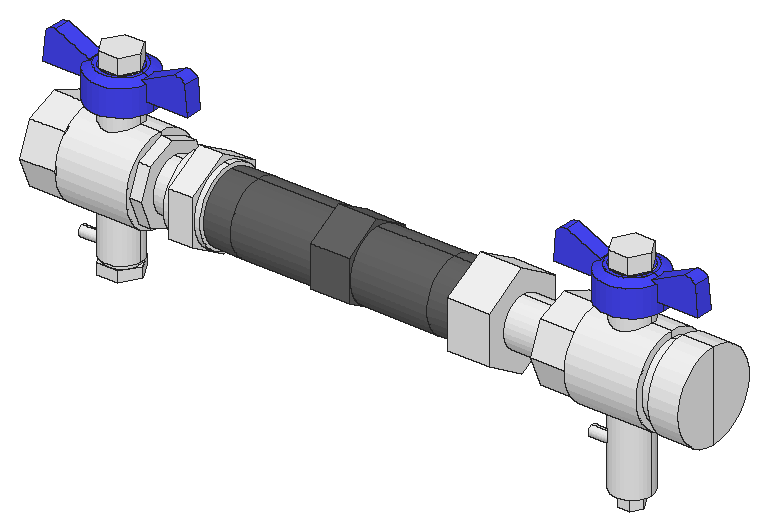
Revit family "AB-PM_DN15-25_Horizontal_Part B_RFA_1", category Pipe Accessories, Revit 2019 (continued)
Definition of nested family "Valve_2"
  Definition of nested family "Valve_Handle_H_B"
    Automatic sketch dimensions
      Extrusion 5 sketch curve to plane 3 "Center (Left/Right)" = 11.595 mm
      plane 3 "Center (Left/Right)" to Extrusion 5 sketch curve = 26.712 mm
      level to Extrusion 5 sketch curve = 12.200 mm
      Extrusion 5 sketch curve to Extrusion 5 sketch curve = 14.725 mm  (x2)
      plane 3 "Center (Left/Right)" to Extrusion 5 sketch curve = 11.595 mm
      Revolve 1 sketch curve to Revolve 1 sketch curve = 17.800 mm
      Revolve 1 sketch curve to Revolve 1 sketch curve = 4.000 mm
      Revolve 2 sketch curve to level = 0.000 mm
      Revolve 2 sketch curve to plane 3 "Center (Left/Right)" = 0.000 mm  (x2)
      Revolve 2 sketch curve to Revolve 2 sketch curve = 3.339 mm
      Revolve 2 sketch curve to Revolve 2 sketch curve = 1.838 mm
      Revolve 2 sketch curve to Revolve 2 sketch curve = 17.800 mm
      Revolve 2 sketch curve to Revolve 2 sketch curve = 4.000 mm
  Definition of nested family "Schematic_Valve_2"
    Parameters (values of type "Schematic_Valve")
      r [instance] = D / 4  # 4.000 mm
      L1 [instance] = 10.000 mm
      L [instance] = 68.000 mm
      H [instance] = 40.000 mm
      D [instance] = 16.000 mm
    Reference planes
      plane 1 "Center (Front/Back)": y = 0
      plane 2: z = 0
      plane 3 "Center (Left/Right)": x = 0
      plane 4: x = -34
      plane 5: x = 34
      plane 6: y = 20
      plane 7: y = -20
      plane 8: z = 20
      plane 9: z = -20
    Lines and regions (mm)
      model lines, detail levels coarse+medium
        curve 1: circle (0, 0, 0) r 8 normal (0, 0, 1)
        curve 4: line (-34, -20, 0) -> (-34, 20, 0)
        curve 5: line (-34, 20, 0) -> (-6.895, 4.056, 0)
        curve 6: line (-34, -20, 0) -> (-6.895, -4.056, 0)
        curve 7: line (6.895, 4.056, 0) -> (34, 20, 0)
        curve 8: line (34, 20, 0) -> (34, -20, 0)
        curve 9: line (34, -20, 0) -> (6.895, -4.056, 0)
        curve 10: line (-34, 0, 0) -> (-44, 0, 0)
        curve 20: line (0, -8, 0) -> (0, -20, 0)
        curve 21: circle (0, -24, 0) r 4 normal (0, 0, 1)
      reference lines
        curve 2: line (-34, 20, 0) -> (34, -20, 0)
        curve 3: line (34, 20, 0) -> (-34, -20, 0)
        curve 11: line (-34, 0, 20) -> (34, 0, -20)
        curve 12: line (34, 0, 20) -> (-34, 0, -20)
      symbolic lines, detail levels coarse+medium
        curve 13: circle (0, 0, 0) r 8 normal (0, -1, 0)
        curve 14: line (-6.895, 0, -4.056) -> (-34, 0, -20)
        curve 15: line (-34, 0, -20) -> (-34, 0, 20)
        curve 16: line (-34, 0, 20) -> (-6.895, 0, 4.056)
        curve 17: line (6.895, 0, -4.056) -> (34, 0, -20)
        curve 18: line (34, 0, -20) -> (34, 0, 20)
        curve 19: line (34, 0, 20) -> (6.895, 0, 4.056)
        curve 22: line (0, 0, 8) -> (0, 0, 20)
        curve 23: circle (0, 0, 24) r 4 normal (0, -1, 0)
    Dimensions and locks
      equal spacing: plane 4, plane 3 "Center (Left/Right)", plane 5
      equal spacing: plane 6, plane 1 "Center (Front/Back)", plane 7
      "L": plane 4 to plane 5
      "H": plane 6 to plane 7
      "L1": curve 10 to plane 4
      equal spacing: plane 8, level, plane 9
      "H": plane 8 to plane 9
      "r": plane 7 to curve 21
      locked: plane 3 "Center (Left/Right)" to curve 21
      "r": curve 23 to plane 8
      locked: plane 3 "Center (Left/Right)" to curve 23
      "D": diameter of curve 1
      "D": diameter of curve 13
      "r": radius of curve 21
      "r": radius of curve 23
      aligned and locked: level to plane 2
      aligned and locked: plane 4 to curve 2
      aligned and locked: plane 6 to curve 2
      aligned and locked: plane 5 to curve 3
      aligned and locked: plane 6 to curve 3
      aligned and locked: plane 7 to curve 2
      aligned and locked: plane 5 to curve 2
      aligned and locked: plane 4 to curve 3
      aligned and locked: plane 7 to curve 3
      aligned and locked: curve 5 to curve 2
      aligned and locked: curve 6 to curve 3
      aligned and locked: curve 9 to curve 2
      aligned and locked: curve 7 to curve 3
      aligned and locked: curve 10 to plane 1 "Center (Front/Back)"
      aligned and locked: plane 8 to curve 11
      aligned and locked: plane 4 to curve 11
      aligned and locked: plane 5 to curve 11
      aligned and locked: plane 9 to curve 11
      aligned and locked: plane 4 to curve 12
      aligned and locked: plane 9 to curve 12
      aligned and locked: plane 5 to curve 12
      aligned and locked: plane 8 to curve 12
      aligned and locked: curve 12 to curve 14
      aligned and locked: curve 16 to curve 11
      aligned and locked: curve 19 to curve 12
      aligned and locked: curve 11 to curve 17
      aligned and locked: curve 20 to plane 3 "Center (Left/Right)"
    Automatic sketch dimensions
      curve 15 to plane 4 = 0.000 mm
      curve 13 to level = 0.000 mm
      curve 13 to plane 3 "Center (Left/Right)" = 0.000 mm
      curve 22 to plane 3 "Center (Left/Right)" = 0.000 mm
      curve 18 to plane 5 = 0.000 mm
      curve 22 to plane 8 = 0.000 mm
      curve 4 to plane 4 = 0.000 mm
      plane 1 "Center (Front/Back)" to curve 1 = 0.000 mm
      curve 1 to plane 3 "Center (Left/Right)" = 0.000 mm
      curve 7 to plane 5 = 0.000 mm
Types (6, lengths in mm): name | h31 | h3 | h2 | h1 | Weight | Stroke | Replacement piece | Nominal Flow (Text) | Nominal Flow | Model Type | Model | Min Differential Pressure | Max Pressure at Zero Load | L | H | DN | D | Ball valve type 2 | Ball valve type
  AB-PM_DN25HP_Horizontal_Part B_003Z1481 | 68.300 | 98.550 | 111.303 | 76.700 | 2.85 kg | "4.5 mm" | Replacement piece : 25 | "1200 l/h" | 1.2 m³/h | "AB-PM_DN25HP_Horizontal_Part B" | "003Z1481" | "28 kPa" | "35 kPa" | 286.553 | 92.100 | 32 | 32.000 | Valve_2 : DN_25 | Valve_H_B : DN_25
  AB-PM_DN25_Horizontal_Part B_003Z1480 | 68.300 | 98.550 | 111.303 | 76.700 | 2.85 kg | "4.5 mm" | Replacement piece : 25 | "1200 l/h" | 1.2 m³/h | "AB-PM_DN25_Horizontal_Part B" | "003Z1480" | "18 kPa" | "22 kPa" | 286.553 | 92.100 | 32 | 32.000 | Valve_2 : DN_25 | Valve_H_B : DN_25
  AB-PM_DN20HP_Horizontal_Part B_003Z1479 | 58.600 | 88.100 | 97.000 | 68.000 | 1.73 kg | "2.25 mm" | Replacement piece : 15 | "600 l/h" | 0.6 m³/h | "AB-PM_DN20HP_Horizontal_Part B" | "003Z1479" | "28 kPa" | "35 kPa" | 253.100 | 89.700 | 25 | 25.000 | Valve_2 : DN_20 | Valve_H_B : DN_20
  AB-PM_DN20_Horizontal_Part B_003Z1478 | 58.600 | 88.100 | 97.000 | 68.000 | 1.73 kg | "2.25 mm" | Replacement piece : 15 | "600 l/h" | 0.6 m³/h | "AB-PM_DN20_Horizontal_Part B" | "003Z1478" | "18 kPa" | "22 kPa" | 253.100 | 89.700 | 25 | 25.000 | Valve_2 : DN_20 | Valve_H_B : DN_20
  AB-PM_DN15HP_Horizontal_Part B_003Z1477 | 58.600 | 90.100 | 97.000 | 68.000 | 1.55 kg | "2.25 mm" | Replacement piece : 15 | "300 l/h" | 0.3 m³/h | "AB-PM_DN15HP_Horizontal_Part B" | "003Z1477" | "28 kPa" | "35 kPa" | 255.100 | 89.700 | 20 | 20.000 | Valve_2 : DN_15 | Valve_H_B : DN_15
  AB-PM_DN15_Horizontal_Part B_003Z1476 | 58.600 | 90.100 | 97.000 | 68.000 | 1.55 kg | "2.25 mm" | Replacement piece : 15 | "300 l/h" | 0.3 m³/h | "AB-PM_DN15_Horizontal_Part B" | "003Z1476" | "18 kPa" | "22 kPa" | 255.100 | 89.700 | 20 | 20.000 | Valve_2 : DN_15 | Valve_H_B : DN_15
